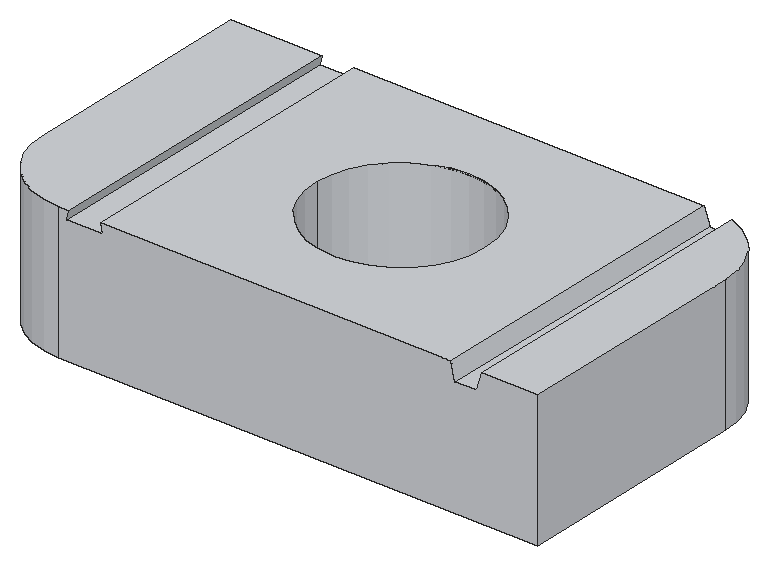
Revit family "CS23", category Generic Models, Revit 2017
Family settings
  Can host rebar = No
  Round Connector Dimension = Use Diameter
  Part Type = Normal
  Work Plane-Based = Yes
  Always vertical = No
  Cut with Voids When Loaded = No
  Shared = No
  Room Calculation Point = No
Parameters (values of type "NBS Standard Parameters")
  Weight = "0.0375Kg"
  WarrantyStartDate [instance] = "1900-12-31T23:59:59"
  WarrantyGuarantorParts = "n/a"
  WarrantyGuarantorLabor = "n/a"
  WarrantyDurationUnit = "year"
  WarrantyDurationParts = "n/a"
  WarrantyDurationLabor = "n/a"
  WarrantyDescription = "n/a"
  Version = "1"
  Uniclass2 = "PR_65_70_11_19"
  TagNumber [instance] = "n/a"
  SustainabilityPerformance = "n/a"
  Size = "M12"
  Shape = "Rectangular"
  SerialNumber [instance] = "n/a"
  Revision = "n/a"
  ReplacementCost = "n/a"
  ProductInformation = ""
  NominalWidth = 19.5 mm
  NominalLength = 34.5 mm
  NominalHeight = 10 mm
  Name = ""
  NBSTypeID = ""
  NBSReference = "90-55-10/305"
  NBSOfficeMasterTag = ""
  NBSNote = ""
  NBSDescription = "Channel; Cable Support"
  NBSCertification = ""
  ModelReference = "CS23"
  ModelNumber = "n/a"
  Material = "Steel"
  ManufacturerURL = "www.metpro.co.uk"
  ManufacturerName = "Metpro Ltd"
  InstallationDate [instance] = "1900-12-31T23:59:59"
  IfcExportType = ""
  IfcExportAs = ""
  Grade = "n/a"
  Finish = "BZP"
  Features = "n/a"
  ExpectedLife = "n/a"
  DurationUnit = "year"
  Description = "NBS standard template"
  Default Elevation = 1219.2 mm
  Constituents = "n/a"
  Color = "n/a"
  CodePerformance = "n/a"
  Category = "n/a"
  BarCode [instance] = "n/a"
  BIMObjectName = "Role_Source_Type_Generic"
  Author = "Metpro limited"
  AssetType = ""
  AssetIdentifier [instance] = "n/a"
  AccessibilityPerformance = "n/a"
Reference planes
  plane 1 "Center (Front/Back)": y = 0
  plane 2: z = 0
  plane 3 "Center (Left/Right)": x = 0
Forms (mm)
  Extrusion 1, solid
    sketch origin (-82.202, 3.648, -4.049) x (-0.173648, 0, -0.984808) y (-0.984808, 0, 0.173648)
      loop
        line (0.158, -0.256) -> (-1.146, 1.606) -> (-1.587, -0.891) -> (0.158, -0.256)
    from 0 to 0.704
  Extrusion 2, solid
    sketch origin (-81.049, 3.648, -2.641) x (-1, 0, 0) y (0, -1, 0)
      loop
        line (-17.868, -9.846) -> (11.632, -9.846) -> (11.632, 4.654)
        arc (11.632, 4.654) -> (10.168, 8.189) -> (6.632, 9.654) r 5
        line (6.632, 9.654) -> (-22.868, 9.654) -> (-22.868, -4.846)
        arc (-22.868, -4.846) -> (-21.403, -8.382) -> (-17.868, -9.846) r 5
      loop
        circle (-6.725, 0) r 5.2
    from -2.362 to 5.968
  Blend 3, void
    base sketch origin (-81.049, 3.648, 3.327) x (0, -1, 0) y (1, 0, 0)
      loop
        line (10.616, -4.351) -> (-11.971, -4.351) -> (-11.971, -5.663) -> (10.616, -5.663) -> (10.616, -4.351)
    top sketch origin (-81.049, 3.648, 3.327) x (0, -1, 0) y (1, 0, 0)
      loop
        line (10.616, -3.927) -> (-11.971, -3.927) -> (-11.971, -6.171) -> (10.616, -6.171) -> (10.616, -3.927)
    from 1.069 to -0.53
  Extrusion 4, void
    sketch origin (-93.181, -6.005, -2.641) x (-1, 0, 0) y (0, 0, 1)
      loop
        line (-31.754, 6.498) -> (-31.246, 4.898) -> (-29.933, 4.898) -> (-29.51, 6.498) -> (-31.754, 6.498)
    from 0 to 20.367
Cuts and joins
  Blend 3, Extrusion 4 cuts Extrusion 2
Dimensions and locks
  aligned and locked: level to plane 2
